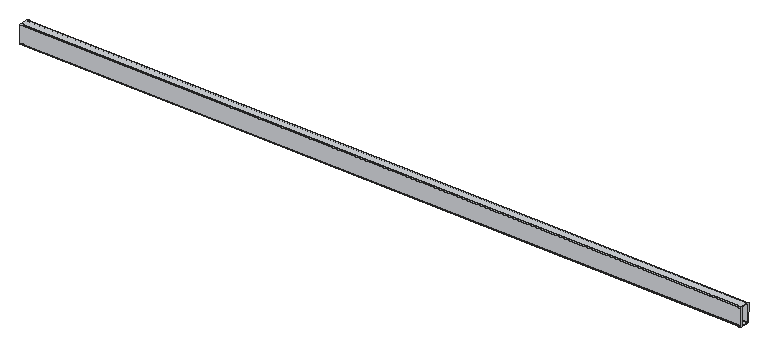
Revit family "CENTUM Profil XL 200 WST 8m L2D", category HLS-Bauteile, Revit 2023
Family settings
  Bemaßung runder Anschluss = Durchmesser verwenden
  Teiletyp = Normal
  Arbeitsebenenbasiert = Ja
  Immer vertikal = Nein
  Beim Laden mit Abzugskörper schneiden = Nein
  Beschriftungsausrichtung beibehalten = Nein
  Gemeinsam genutzt = Ja
  Raumberechnungspunkt = Nein
Parameters (values of type "CENTUM Profil XL200 WST L=8000 L2D")
  vpe = "8"
  Widerstandsmoment Wz = "86.69 cm³"
  Widerstandsmoment Wy = "125.56 cm³"
  Default Elevation = 1219.2 mm
  Trägheitsradius iz = "4.24 cm"
  Trägheitsradius iy = "7.21 cm"
  Torsionswiderstandsmoment Wt = "185.25 cm³"
  Stärke = 5 mm
  Streckgrenze = "275 N/mm²"
  Schwerpunktabstand ez = " cm"
  Schwerpunktabstand eu = " cm"
  Schwerpunktabstand eo = " cm"
  Schlitzbreite = " mm"
  Regelhalter [instance] = ""
  Profiltyp = "XL 200"
  Profil = "CENTUM"
  Oberflaeche = "feuerstückverzinkt"
  Montagelänge [instance] = 8000 mm
  Mengeneinheit = "m"
  Materialname = "S235"
  Material = "Stahl"
  Länge = 8000 mm
  Lochdurchmesser = " mm"
  Langloch = "14.0 x 65.0 mm"
  Kurztext2 = "100 / 200 / 5 mm L= 8 m fsv"
  Kurztext1 = "Montageprofil CENTUM XL 200 WST"
  Höhe = "200 mm"
  Gewicht pro Stück [instance] = (Gewicht * Montagelänge / (1000 mm * 1000 mm)) * 1000 mm  # 163.68 kg
  Gewicht pro Bauteil [instance] = Gewicht pro Stück  # 163.68 kg
  Gewicht = 20.46 kg
  Gesamtlänge [instance] = Montagelänge  # 8000 mm
  Gesamtgewicht [instance] = Gewicht pro Bauteil  # 163.68 kg
  Fläche (schwächster Profilquerschnitt) = 0.002415 m²
  Firma = "MEFA Befestigungs- und Montagesysteme GmbH"
  Fabrikat = "MEFA"
  Erweiterung Langloch = " mm"
  EAN = "4250928449405"
  Bund = "32 m"
  Breite = 100 mm
  Artikelnummer = "16020080"
  Anzahl Langloch 80 [instance] = Montagelänge / 80 mm  # 100
  Abmessung = "100/200/5.0 mm"
Reference planes
  plane 1 "Mitte (Vorne/hinten)": y = 0
  plane 2: z = 0
  plane 3 "Mitte (Links/rechts)": x = 0
  plane 4: x = 8000
Forms (mm)
  Extrusion 1, solid, detail levels fine
    sketch origin (0, 0, 0) x (0, 1, 0) y (0, 0, 1)
      loop
        arc (42, 0) -> (47.657, 2.343) -> (50, 8) r 8
        line (50, 8) -> (50, 192)
        arc (50, 192) -> (47.657, 197.657) -> (42, 200) r 8
        line (42, 200) -> (-42, 200)
        arc (-42, 200) -> (-47.657, 197.657) -> (-50, 192) r 8
        line (-50, 192) -> (-50, 8)
        arc (-50, 8) -> (-47.657, 2.343) -> (-42, 0) r 8
        line (-42, 0) -> (42, 0)
      loop
        arc (-41, 195) -> (-43.828, 193.828) -> (-45, 191) r 4
        line (-45, 191) -> (-45, 9)
        arc (-45, 9) -> (-43.828, 6.172) -> (-41, 5) r 4
        line (-41, 5) -> (41, 5)
        arc (41, 5) -> (43.828, 6.172) -> (45, 9) r 4
        line (45, 9) -> (45, 191)
        arc (45, 191) -> (43.828, 193.828) -> (41, 195) r 4
        line (41, 195) -> (-41, 195)
    from 0 to 8000
  Extrusion 2, solid, detail levels medium
    sketch origin (0, 0, 0) x (0, 1, 0) y (0, 0, 1)
      loop
        line (50, 0) -> (50, 200) -> (-50, 200) -> (-50, 0) -> (50, 0)
      loop
        line (-45, 195) -> (-45, 5) -> (45, 5) -> (45, 195) -> (-45, 195)
    from 0 to 8000
  Extrusion 3, solid, detail levels coarse
    sketch origin (0, 0, 0) x (0, 1, 0) y (0, 0, 1)
      loop
        line (50, 0) -> (50, 200) -> (-50, 200) -> (-50, 0) -> (50, 0)
    from 0 to 8000
Lines and regions (mm)
  model lines
    curve 1: line (0, 0, 210) -> (0, 0, -10)
    curve 2: line (0, 60, 150) -> (0, -60, 150)
    curve 3: line (0, 60, 100) -> (0, -60, 100)
    curve 4: line (0, 60, 50) -> (0, -60, 50)
Dimensions and locks
  "Montagelänge": plane 4 to plane 3 "Mitte (Links/rechts)"
  equal spacing: group 1, group 2, group 3, group 4, group 5, group 6, group 7, group 8, group 9, group 10, group 11, group 12, group 13, group 14, group 15, group 16, group 17, group 18, group 19, group 20, group 21, group 22, group 23, group 24, group 25, group 26, group 27, group 28, group 29, group 30, group 31, group 32, group 33, group 34, group 35, group 36, group 37, group 38, group 39, group 40, group 41, group 42, group 43, group 44, group 45, group 46, group 47, group 48, group 49, group 50, group 51, group 52, group 53, group 54, group 55, group 56, group 57, group 58, group 59, group 60, group 61, group 62, group 63, group 64, group 65, group 66, group 67, group 68, group 69, group 70, group 71, group 72, group 73, group 74, group 75, group 76, group 77, group 78, group 79, group 80, group 81, group 82, group 83, group 84, group 85, group 86, group 87, group 88, group 89, group 90, group 91, group 92, group 93, group 94, group 95, group 96, group 97, group 98, group 99, group 100  (x3)
  aligned and locked: level to plane 2
  aligned and locked: plane 4 to Extrusion 1
  aligned and locked: Extrusion 3 to Extrusion 1
  aligned and locked: Extrusion 2 to Extrusion 1
  aligned and locked: nested 5 to curve 4
  aligned and locked: nested 2 to curve 2
  aligned and locked: nested 3 to curve 4
  aligned and locked: nested 1 to plane 1 "Mitte (Vorne/hinten)"
  aligned and locked: nested 6 to nested 1  (x2)
  aligned and locked: nested 2 to nested 4
  aligned and locked: nested 2 to nested 3
  aligned and locked: nested 2 to nested 5
  aligned and locked: nested 12 to nested 7  (x2)
  aligned and locked: nested 8 to nested 10
  aligned and locked: nested 8 to nested 9
  aligned and locked: nested 8 to nested 11
  aligned and locked: nested 18 to nested 13  (x2)
  aligned and locked: nested 14 to nested 16
  aligned and locked: nested 14 to nested 15
  aligned and locked: nested 14 to nested 17
  aligned and locked: nested 24 to nested 19  (x2)
  aligned and locked: nested 20 to nested 22
  aligned and locked: nested 20 to nested 21
  aligned and locked: nested 20 to nested 23
  aligned and locked: nested 30 to nested 25  (x2)
  aligned and locked: nested 26 to nested 28
  aligned and locked: nested 26 to nested 27
  aligned and locked: nested 26 to nested 29
  aligned and locked: nested 36 to nested 31  (x2)
  aligned and locked: nested 32 to nested 34
  aligned and locked: nested 32 to nested 33
  aligned and locked: nested 32 to nested 35
  aligned and locked: nested 42 to nested 37  (x2)
  aligned and locked: nested 38 to nested 40
  aligned and locked: nested 38 to nested 39
  aligned and locked: nested 38 to nested 41
  aligned and locked: nested 48 to nested 43  (x2)
  aligned and locked: nested 44 to nested 46
  aligned and locked: nested 44 to nested 45
  aligned and locked: nested 44 to nested 47
  aligned and locked: nested 54 to nested 49  (x2)
  aligned and locked: nested 50 to nested 52
  aligned and locked: nested 50 to nested 51
  aligned and locked: nested 50 to nested 53
  aligned and locked: nested 60 to nested 55  (x2)
  aligned and locked: nested 56 to nested 58
  aligned and locked: nested 56 to nested 57
  aligned and locked: nested 56 to nested 59
  aligned and locked: nested 66 to nested 61  (x2)
  aligned and locked: nested 62 to nested 64
  aligned and locked: nested 62 to nested 63
  aligned and locked: nested 62 to nested 65
  aligned and locked: nested 72 to nested 67  (x2)
  aligned and locked: nested 68 to nested 70
  aligned and locked: nested 68 to nested 69
  aligned and locked: nested 68 to nested 71
  aligned and locked: nested 78 to nested 73  (x2)
  aligned and locked: nested 74 to nested 76
  aligned and locked: nested 74 to nested 75
  aligned and locked: nested 74 to nested 77
  aligned and locked: nested 84 to nested 79  (x2)
  aligned and locked: nested 80 to nested 82
  aligned and locked: nested 80 to nested 81
  aligned and locked: nested 80 to nested 83
  aligned and locked: nested 90 to nested 85  (x2)
  aligned and locked: nested 86 to nested 88
  aligned and locked: nested 86 to nested 87
  aligned and locked: nested 86 to nested 89
  aligned and locked: nested 96 to nested 91  (x2)
  aligned and locked: nested 92 to nested 94
  aligned and locked: nested 92 to nested 93
  aligned and locked: nested 92 to nested 95
  aligned and locked: nested 102 to nested 97  (x2)
  aligned and locked: nested 98 to nested 100
  aligned and locked: nested 98 to nested 99
  aligned and locked: nested 98 to nested 101
  aligned and locked: nested 108 to nested 103  (x2)
  aligned and locked: nested 104 to nested 106
  aligned and locked: nested 104 to nested 105
  aligned and locked: nested 104 to nested 107
  aligned and locked: nested 114 to nested 109  (x2)
  aligned and locked: nested 110 to nested 112
  aligned and locked: nested 110 to nested 111
  aligned and locked: nested 110 to nested 113
  aligned and locked: nested 120 to nested 115  (x2)
  aligned and locked: nested 116 to nested 118
  aligned and locked: nested 116 to nested 117
  aligned and locked: nested 116 to nested 119
  aligned and locked: nested 126 to nested 121  (x2)
  aligned and locked: nested 122 to nested 124
  aligned and locked: nested 122 to nested 123
  aligned and locked: nested 122 to nested 125
  aligned and locked: nested 132 to nested 127  (x2)
  aligned and locked: nested 128 to nested 130
  aligned and locked: nested 128 to nested 129
  aligned and locked: nested 128 to nested 131
  aligned and locked: nested 138 to nested 133  (x2)
  aligned and locked: nested 134 to nested 136
  aligned and locked: nested 134 to nested 135
  aligned and locked: nested 134 to nested 137
  aligned and locked: nested 144 to nested 139  (x2)
  aligned and locked: nested 140 to nested 142
  aligned and locked: nested 140 to nested 141
  aligned and locked: nested 140 to nested 143
  aligned and locked: nested 150 to nested 145  (x2)
  aligned and locked: nested 146 to nested 148
  aligned and locked: nested 146 to nested 147
  aligned and locked: nested 146 to nested 149
  aligned and locked: nested 156 to nested 151  (x2)
  aligned and locked: nested 152 to nested 154
  aligned and locked: nested 152 to nested 153
  aligned and locked: nested 152 to nested 155
  aligned and locked: nested 162 to nested 157  (x2)
  aligned and locked: nested 158 to nested 160
  aligned and locked: nested 158 to nested 159
  aligned and locked: nested 158 to nested 161
  aligned and locked: nested 168 to nested 163  (x2)
  aligned and locked: nested 164 to nested 166
  aligned and locked: nested 164 to nested 165
  aligned and locked: nested 164 to nested 167
  aligned and locked: nested 174 to nested 169  (x2)
  aligned and locked: nested 170 to nested 172
  aligned and locked: nested 170 to nested 171
  aligned and locked: nested 170 to nested 173
  aligned and locked: nested 180 to nested 175  (x2)
  aligned and locked: nested 176 to nested 178
  aligned and locked: nested 176 to nested 177
  aligned and locked: nested 176 to nested 179
  aligned and locked: nested 186 to nested 181  (x2)
  aligned and locked: nested 182 to nested 184
  aligned and locked: nested 182 to nested 183
  aligned and locked: nested 182 to nested 185
  aligned and locked: nested 192 to nested 187  (x2)
  aligned and locked: nested 188 to nested 190
  aligned and locked: nested 188 to nested 189
  aligned and locked: nested 188 to nested 191
  aligned and locked: nested 198 to nested 193  (x2)
  aligned and locked: nested 194 to nested 196
  aligned and locked: nested 194 to nested 195
  aligned and locked: nested 194 to nested 197
  aligned and locked: nested 204 to nested 199  (x2)
  aligned and locked: nested 200 to nested 202
  aligned and locked: nested 200 to nested 201
  aligned and locked: nested 200 to nested 203
  aligned and locked: nested 210 to nested 205  (x2)
  aligned and locked: nested 206 to nested 208
  aligned and locked: nested 206 to nested 207
  aligned and locked: nested 206 to nested 209
  aligned and locked: nested 216 to nested 211  (x2)
  aligned and locked: nested 212 to nested 214
  aligned and locked: nested 212 to nested 213
  aligned and locked: nested 212 to nested 215
  aligned and locked: nested 222 to nested 217  (x2)
  aligned and locked: nested 218 to nested 220
  aligned and locked: nested 218 to nested 219
  aligned and locked: nested 218 to nested 221
  aligned and locked: nested 228 to nested 223  (x2)
  aligned and locked: nested 224 to nested 226
  aligned and locked: nested 224 to nested 225
  aligned and locked: nested 224 to nested 227
  aligned and locked: nested 234 to nested 229  (x2)
  aligned and locked: nested 230 to nested 232
  aligned and locked: nested 230 to nested 231
  aligned and locked: nested 230 to nested 233
  aligned and locked: nested 240 to nested 235  (x2)
  aligned and locked: nested 236 to nested 238
  aligned and locked: nested 236 to nested 237
  aligned and locked: nested 236 to nested 239
  aligned and locked: nested 246 to nested 241  (x2)
  aligned and locked: nested 242 to nested 244
  aligned and locked: nested 242 to nested 243
  aligned and locked: nested 242 to nested 245
  aligned and locked: nested 252 to nested 247  (x2)
  aligned and locked: nested 248 to nested 250
  aligned and locked: nested 248 to nested 249
  aligned and locked: nested 248 to nested 251
  aligned and locked: nested 258 to nested 253  (x2)
  aligned and locked: nested 254 to nested 256
  aligned and locked: nested 254 to nested 255
  aligned and locked: nested 254 to nested 257
  aligned and locked: nested 264 to nested 259  (x2)
  aligned and locked: nested 260 to nested 262
  aligned and locked: nested 260 to nested 261
  aligned and locked: nested 260 to nested 263
  aligned and locked: nested 270 to nested 265  (x2)
  aligned and locked: nested 266 to nested 268
  aligned and locked: nested 266 to nested 267
  aligned and locked: nested 266 to nested 269
  aligned and locked: nested 276 to nested 271  (x2)
  aligned and locked: nested 272 to nested 274
  aligned and locked: nested 272 to nested 273
  aligned and locked: nested 272 to nested 275
  aligned and locked: nested 282 to nested 277  (x2)
  aligned and locked: nested 278 to nested 280
  aligned and locked: nested 278 to nested 279
  aligned and locked: nested 278 to nested 281
  aligned and locked: nested 288 to nested 283  (x2)
  aligned and locked: nested 284 to nested 286
  aligned and locked: nested 284 to nested 285
  aligned and locked: nested 284 to nested 287
  aligned and locked: nested 294 to nested 289  (x2)
  aligned and locked: nested 290 to nested 292
  aligned and locked: nested 290 to nested 291
  aligned and locked: nested 290 to nested 293
  aligned and locked: nested 300 to nested 295  (x2)
  aligned and locked: nested 296 to nested 298
  aligned and locked: nested 296 to nested 297
  aligned and locked: nested 296 to nested 299
  aligned and locked: nested 306 to nested 301  (x2)
  aligned and locked: nested 302 to nested 304
  aligned and locked: nested 302 to nested 303
  aligned and locked: nested 302 to nested 305
  aligned and locked: nested 312 to nested 307  (x2)
  aligned and locked: nested 308 to nested 310
  aligned and locked: nested 308 to nested 309
  aligned and locked: nested 308 to nested 311
  aligned and locked: nested 318 to nested 313  (x2)
  aligned and locked: nested 314 to nested 316
  aligned and locked: nested 314 to nested 315
  aligned and locked: nested 314 to nested 317
  aligned and locked: nested 324 to nested 319  (x2)
  aligned and locked: nested 320 to nested 322
  aligned and locked: nested 320 to nested 321
  aligned and locked: nested 320 to nested 323
  aligned and locked: nested 330 to nested 325  (x2)
  aligned and locked: nested 326 to nested 328
  aligned and locked: nested 326 to nested 327
  aligned and locked: nested 326 to nested 329
  aligned and locked: nested 336 to nested 331  (x2)
  aligned and locked: nested 332 to nested 334
  aligned and locked: nested 332 to nested 333
  aligned and locked: nested 332 to nested 335
  aligned and locked: nested 342 to nested 337  (x2)
  aligned and locked: nested 338 to nested 340
  aligned and locked: nested 338 to nested 339
  aligned and locked: nested 338 to nested 341
  aligned and locked: nested 348 to nested 343  (x2)
  aligned and locked: nested 344 to nested 346
  aligned and locked: nested 344 to nested 345
  aligned and locked: nested 344 to nested 347
  aligned and locked: nested 354 to nested 349  (x2)
  aligned and locked: nested 350 to nested 352
  aligned and locked: nested 350 to nested 351
  aligned and locked: nested 350 to nested 353
  aligned and locked: nested 360 to nested 355  (x2)
  aligned and locked: nested 356 to nested 358
  aligned and locked: nested 356 to nested 357
  aligned and locked: nested 356 to nested 359
  aligned and locked: nested 366 to nested 361  (x2)
  aligned and locked: nested 362 to nested 364
  aligned and locked: nested 362 to nested 363
  aligned and locked: nested 362 to nested 365
  aligned and locked: nested 372 to nested 367  (x2)
  aligned and locked: nested 368 to nested 370
  aligned and locked: nested 368 to nested 369
  aligned and locked: nested 368 to nested 371
  aligned and locked: nested 378 to nested 373  (x2)
  aligned and locked: nested 374 to nested 376
  aligned and locked: nested 374 to nested 375
  aligned and locked: nested 374 to nested 377
  aligned and locked: nested 384 to nested 379  (x2)
  aligned and locked: nested 380 to nested 382
  aligned and locked: nested 380 to nested 381
  aligned and locked: nested 380 to nested 383
  aligned and locked: nested 390 to nested 385  (x2)
  aligned and locked: nested 386 to nested 388
  aligned and locked: nested 386 to nested 387
  aligned and locked: nested 386 to nested 389
  aligned and locked: nested 396 to nested 391  (x2)
  aligned and locked: nested 392 to nested 394
  aligned and locked: nested 392 to nested 393
  aligned and locked: nested 392 to nested 395
  aligned and locked: nested 402 to nested 397  (x2)
  aligned and locked: nested 398 to nested 400
  aligned and locked: nested 398 to nested 399
  aligned and locked: nested 398 to nested 401
  aligned and locked: nested 408 to nested 403  (x2)
  aligned and locked: nested 404 to nested 406
  aligned and locked: nested 404 to nested 405
  aligned and locked: nested 404 to nested 407
  aligned and locked: nested 414 to nested 409  (x2)
  aligned and locked: nested 410 to nested 412
  aligned and locked: nested 410 to nested 411
  aligned and locked: nested 410 to nested 413
  aligned and locked: nested 420 to nested 415  (x2)
  aligned and locked: nested 416 to nested 418
  aligned and locked: nested 416 to nested 417
  aligned and locked: nested 416 to nested 419
  aligned and locked: nested 426 to nested 421  (x2)
  aligned and locked: nested 422 to nested 424
  aligned and locked: nested 422 to nested 423
  aligned and locked: nested 422 to nested 425
  aligned and locked: nested 432 to nested 427  (x2)
  aligned and locked: nested 428 to nested 430
  aligned and locked: nested 428 to nested 429
  aligned and locked: nested 428 to nested 431
  aligned and locked: nested 438 to nested 433  (x2)
  aligned and locked: nested 434 to nested 436
  aligned and locked: nested 434 to nested 435
  aligned and locked: nested 434 to nested 437
  aligned and locked: nested 444 to nested 439  (x2)
  aligned and locked: nested 440 to nested 442
  aligned and locked: nested 440 to nested 441
  aligned and locked: nested 440 to nested 443
  aligned and locked: nested 450 to nested 445  (x2)
  aligned and locked: nested 446 to nested 448
  aligned and locked: nested 446 to nested 447
  aligned and locked: nested 446 to nested 449
  aligned and locked: nested 456 to nested 451  (x2)
  aligned and locked: nested 452 to nested 454
  aligned and locked: nested 452 to nested 453
  aligned and locked: nested 452 to nested 455
  aligned and locked: nested 462 to nested 457  (x2)
  aligned and locked: nested 458 to nested 460
  aligned and locked: nested 458 to nested 459
  aligned and locked: nested 458 to nested 461
  aligned and locked: nested 468 to nested 463  (x2)
  aligned and locked: nested 464 to nested 466
  aligned and locked: nested 464 to nested 465
  aligned and locked: nested 464 to nested 467
  aligned and locked: nested 474 to nested 469  (x2)
  aligned and locked: nested 470 to nested 472
  aligned and locked: nested 470 to nested 471
  aligned and locked: nested 470 to nested 473
  aligned and locked: nested 480 to nested 475  (x2)
  aligned and locked: nested 476 to nested 478
  aligned and locked: nested 476 to nested 477
  aligned and locked: nested 476 to nested 479
  aligned and locked: nested 486 to nested 481  (x2)
  aligned and locked: nested 482 to nested 484
  aligned and locked: nested 482 to nested 483
  aligned and locked: nested 482 to nested 485
  aligned and locked: nested 492 to nested 487  (x2)
  aligned and locked: nested 488 to nested 490
  aligned and locked: nested 488 to nested 489
  aligned and locked: nested 488 to nested 491
  aligned and locked: nested 498 to nested 493  (x2)
  aligned and locked: nested 494 to nested 496
  aligned and locked: nested 494 to nested 495
  aligned and locked: nested 494 to nested 497
  aligned and locked: nested 504 to nested 499  (x2)
  aligned and locked: nested 500 to nested 502
  aligned and locked: nested 500 to nested 501
  aligned and locked: nested 500 to nested 503
  aligned and locked: nested 510 to nested 505  (x2)
  aligned and locked: nested 506 to nested 508
  aligned and locked: nested 506 to nested 507
  aligned and locked: nested 506 to nested 509
  aligned and locked: nested 516 to nested 511  (x2)
  aligned and locked: nested 512 to nested 514
  aligned and locked: nested 512 to nested 513
  aligned and locked: nested 512 to nested 515
  aligned and locked: nested 522 to nested 517  (x2)
  aligned and locked: nested 518 to nested 520
  aligned and locked: nested 518 to nested 519
  aligned and locked: nested 518 to nested 521
  aligned and locked: nested 528 to nested 523  (x2)
  aligned and locked: nested 524 to nested 526
  aligned and locked: nested 524 to nested 525
  aligned and locked: nested 524 to nested 527
  aligned and locked: nested 534 to nested 529  (x2)
  aligned and locked: nested 530 to nested 532
  aligned and locked: nested 530 to nested 531
  aligned and locked: nested 530 to nested 533
  aligned and locked: nested 540 to nested 535  (x2)
  aligned and locked: nested 536 to nested 538
  aligned and locked: nested 536 to nested 537
  aligned and locked: nested 536 to nested 539
  aligned and locked: nested 546 to nested 541  (x2)
  aligned and locked: nested 542 to nested 544
  aligned and locked: nested 542 to nested 543
  aligned and locked: nested 542 to nested 545
  aligned and locked: nested 552 to nested 547  (x2)
  aligned and locked: nested 548 to nested 550
  aligned and locked: nested 548 to nested 549
  aligned and locked: nested 548 to nested 551
  aligned and locked: nested 558 to nested 553  (x2)
  aligned and locked: nested 554 to nested 556
  aligned and locked: nested 554 to nested 555
  aligned and locked: nested 554 to nested 557
  aligned and locked: nested 564 to nested 559  (x2)
  aligned and locked: nested 560 to nested 562
  aligned and locked: nested 560 to nested 561
  aligned and locked: nested 560 to nested 563
  aligned and locked: nested 570 to nested 565  (x2)
  aligned and locked: nested 566 to nested 568
  aligned and locked: nested 566 to nested 567
  aligned and locked: nested 566 to nested 569
  aligned and locked: nested 576 to nested 571  (x2)
  aligned and locked: nested 572 to nested 574
  aligned and locked: nested 572 to nested 573
  aligned and locked: nested 572 to nested 575
  aligned and locked: nested 582 to nested 577  (x2)
  aligned and locked: nested 578 to nested 580
  aligned and locked: nested 578 to nested 579
  aligned and locked: nested 578 to nested 581
  aligned and locked: nested 588 to nested 583  (x2)
  aligned and locked: nested 584 to nested 586
  aligned and locked: nested 584 to nested 585
  aligned and locked: nested 584 to nested 587
  aligned and locked: nested 594 to nested 589  (x2)
  aligned and locked: nested 590 to nested 592
  aligned and locked: nested 590 to nested 591
  aligned and locked: nested 590 to nested 593
  aligned and locked: nested 600 to nested 595  (x2)
  aligned and locked: nested 596 to nested 598
  aligned and locked: nested 596 to nested 597
  aligned and locked: nested 596 to nested 599
Automatic sketch dimensions
  Extrusion 1 sketch curve to level = 0 mm
  level to Extrusion 1 sketch curve = 8 mm  (x2)
  plane 1 "Mitte (Vorne/hinten)" to Extrusion 1 sketch curve = 50 mm
  Extrusion 1 sketch curve to plane 1 "Mitte (Vorne/hinten)" = 42 mm  (x2)
  Extrusion 1 sketch curve to Extrusion 1 sketch curve = 184 mm
  Extrusion 1 sketch curve to Extrusion 1 sketch curve = 1 mm  (x7)
  Extrusion 1 sketch curve to Extrusion 1 sketch curve = 5 mm
  Extrusion 1 sketch curve to Extrusion 1 sketch curve = 3 mm
  curve 1 to plane 1 "Mitte (Vorne/hinten)" = 0 mm
  curve 1 to level = 10 mm
  plane 1 "Mitte (Vorne/hinten)" to curve 3 = 60 mm
  curve 4 to curve 3 = 0 mm
  curve 2 to curve 3 = 0 mm  (x2)
  curve 4 to plane 1 "Mitte (Vorne/hinten)" = 60 mm
  curve 3 to curve 4 = 0 mm
  level to curve 4 = 50 mm
  curve 4 to curve 3 = 50 mm
  curve 3 to curve 2 = 50 mm
  curve 2 to curve 1 = 60 mm
  level to Extrusion 2 sketch curve = 0 mm
  plane 1 "Mitte (Vorne/hinten)" to Extrusion 2 sketch curve = 50 mm
  Extrusion 2 sketch curve to Extrusion 2 sketch curve = 5 mm  (x4)
  Extrusion 2 sketch curve to Extrusion 2 sketch curve = 190 mm
  Extrusion 2 sketch curve to plane 1 "Mitte (Vorne/hinten)" = 45 mm
  Extrusion 3 sketch curve to level = 0 mm
  plane 1 "Mitte (Vorne/hinten)" to Extrusion 3 sketch curve = 50 mm
  Extrusion 3 sketch curve to plane 1 "Mitte (Vorne/hinten)" = 50 mm
  level to Extrusion 3 sketch curve = 200 mm
Nested families
  nested 1: "Langloch 14 x 65 2D" at (40, 0, 200) x (-1, 0, 0) z (0, 0, 1), type "Langloch 14 x 65 2D", detail levels fine
  nested 2: "Langloch 14 x 65 2D" at (40, -50, 150) x (-1, 0, 0) z (0, -1, 0), type "Langloch 14 x 65 2D", detail levels fine
  nested 3: "Langloch 14 x 65 2D" at (40, -50, 50) x (-1, 0, 0) z (0, -1, 0), type "Langloch 14 x 65 2D", detail levels fine
  nested 4: "Langloch 14 x 65 2D" at (40, 50, 150) x (-1, 0, 0) z (0, 1, 0), type "Langloch 14 x 65 2D", detail levels fine
  nested 5: "Langloch 14 x 65 2D" at (40, 50, 50) x (-1, 0, 0) z (0, 1, 0), type "Langloch 14 x 65 2D", detail levels fine
  nested 6: "Langloch 14 x 65 2D" at (40, 0, 0) x (-1, 0, 0) z (0, 0, -1), type "Langloch 14 x 65 2D", detail levels fine
  nested 7: "Langloch 14 x 65 2D" at (120, 0, 200) x (-1, 0, 0) z (0, 0, 1), type "Langloch 14 x 65 2D", detail levels fine
  nested 8: "Langloch 14 x 65 2D" at (120, -50, 150) x (-1, 0, 0) z (0, -1, 0), type "Langloch 14 x 65 2D", detail levels fine
  nested 9: "Langloch 14 x 65 2D" at (120, -50, 50) x (-1, 0, 0) z (0, -1, 0), type "Langloch 14 x 65 2D", detail levels fine
  nested 10: "Langloch 14 x 65 2D" at (120, 50, 150) x (-1, 0, 0) z (0, 1, 0), type "Langloch 14 x 65 2D", detail levels fine
  nested 11: "Langloch 14 x 65 2D" at (120, 50, 50) x (-1, 0, 0) z (0, 1, 0), type "Langloch 14 x 65 2D", detail levels fine
  nested 12: "Langloch 14 x 65 2D" at (120, 0, 0) x (-1, 0, 0) z (0, 0, -1), type "Langloch 14 x 65 2D", detail levels fine
  nested 13: "Langloch 14 x 65 2D" at (200, 0, 200) x (-1, 0, 0) z (0, 0, 1), type "Langloch 14 x 65 2D", detail levels fine
  nested 14: "Langloch 14 x 65 2D" at (200, -50, 150) x (-1, 0, 0) z (0, -1, 0), type "Langloch 14 x 65 2D", detail levels fine
  nested 15: "Langloch 14 x 65 2D" at (200, -50, 50) x (-1, 0, 0) z (0, -1, 0), type "Langloch 14 x 65 2D", detail levels fine
  nested 16: "Langloch 14 x 65 2D" at (200, 50, 150) x (-1, 0, 0) z (0, 1, 0), type "Langloch 14 x 65 2D", detail levels fine
  nested 17: "Langloch 14 x 65 2D" at (200, 50, 50) x (-1, 0, 0) z (0, 1, 0), type "Langloch 14 x 65 2D", detail levels fine
  nested 18: "Langloch 14 x 65 2D" at (200, 0, 0) x (-1, 0, 0) z (0, 0, -1), type "Langloch 14 x 65 2D", detail levels fine
  nested 19: "Langloch 14 x 65 2D" at (280, 0, 200) x (-1, 0, 0) z (0, 0, 1), type "Langloch 14 x 65 2D", detail levels fine
  nested 20: "Langloch 14 x 65 2D" at (280, -50, 150) x (-1, 0, 0) z (0, -1, 0), type "Langloch 14 x 65 2D", detail levels fine
  nested 21: "Langloch 14 x 65 2D" at (280, -50, 50) x (-1, 0, 0) z (0, -1, 0), type "Langloch 14 x 65 2D", detail levels fine
  nested 22: "Langloch 14 x 65 2D" at (280, 50, 150) x (-1, 0, 0) z (0, 1, 0), type "Langloch 14 x 65 2D", detail levels fine
  nested 23: "Langloch 14 x 65 2D" at (280, 50, 50) x (-1, 0, 0) z (0, 1, 0), type "Langloch 14 x 65 2D", detail levels fine
  nested 24: "Langloch 14 x 65 2D" at (280, 0, 0) x (-1, 0, 0) z (0, 0, -1), type "Langloch 14 x 65 2D", detail levels fine
  nested 25: "Langloch 14 x 65 2D" at (360, 0, 200) x (-1, 0, 0) z (0, 0, 1), type "Langloch 14 x 65 2D", detail levels fine
  nested 26: "Langloch 14 x 65 2D" at (360, -50, 150) x (-1, 0, 0) z (0, -1, 0), type "Langloch 14 x 65 2D", detail levels fine
  nested 27: "Langloch 14 x 65 2D" at (360, -50, 50) x (-1, 0, 0) z (0, -1, 0), type "Langloch 14 x 65 2D", detail levels fine
  nested 28: "Langloch 14 x 65 2D" at (360, 50, 150) x (-1, 0, 0) z (0, 1, 0), type "Langloch 14 x 65 2D", detail levels fine
  nested 29: "Langloch 14 x 65 2D" at (360, 50, 50) x (-1, 0, 0) z (0, 1, 0), type "Langloch 14 x 65 2D", detail levels fine
  nested 30: "Langloch 14 x 65 2D" at (360, 0, 0) x (-1, 0, 0) z (0, 0, -1), type "Langloch 14 x 65 2D", detail levels fine
  nested 31: "Langloch 14 x 65 2D" at (440, 0, 200) x (-1, 0, 0) z (0, 0, 1), type "Langloch 14 x 65 2D", detail levels fine
  nested 32: "Langloch 14 x 65 2D" at (440, -50, 150) x (-1, 0, 0) z (0, -1, 0), type "Langloch 14 x 65 2D", detail levels fine
  nested 33: "Langloch 14 x 65 2D" at (440, -50, 50) x (-1, 0, 0) z (0, -1, 0), type "Langloch 14 x 65 2D", detail levels fine
  nested 34: "Langloch 14 x 65 2D" at (440, 50, 150) x (-1, 0, 0) z (0, 1, 0), type "Langloch 14 x 65 2D", detail levels fine
  nested 35: "Langloch 14 x 65 2D" at (440, 50, 50) x (-1, 0, 0) z (0, 1, 0), type "Langloch 14 x 65 2D", detail levels fine
  nested 36: "Langloch 14 x 65 2D" at (440, 0, 0) x (-1, 0, 0) z (0, 0, -1), type "Langloch 14 x 65 2D", detail levels fine
  nested 37: "Langloch 14 x 65 2D" at (520, 0, 200) x (-1, 0, 0) z (0, 0, 1), type "Langloch 14 x 65 2D", detail levels fine
  nested 38: "Langloch 14 x 65 2D" at (520, -50, 150) x (-1, 0, 0) z (0, -1, 0), type "Langloch 14 x 65 2D", detail levels fine
  nested 39: "Langloch 14 x 65 2D" at (520, -50, 50) x (-1, 0, 0) z (0, -1, 0), type "Langloch 14 x 65 2D", detail levels fine
  nested 40: "Langloch 14 x 65 2D" at (520, 50, 150) x (-1, 0, 0) z (0, 1, 0), type "Langloch 14 x 65 2D", detail levels fine
  nested 41: "Langloch 14 x 65 2D" at (520, 50, 50) x (-1, 0, 0) z (0, 1, 0), type "Langloch 14 x 65 2D", detail levels fine
  nested 42: "Langloch 14 x 65 2D" at (520, 0, 0) x (-1, 0, 0) z (0, 0, -1), type "Langloch 14 x 65 2D", detail levels fine
  nested 43: "Langloch 14 x 65 2D" at (600, 0, 200) x (-1, 0, 0) z (0, 0, 1), type "Langloch 14 x 65 2D", detail levels fine
  nested 44: "Langloch 14 x 65 2D" at (600, -50, 150) x (-1, 0, 0) z (0, -1, 0), type "Langloch 14 x 65 2D", detail levels fine
  nested 45: "Langloch 14 x 65 2D" at (600, -50, 50) x (-1, 0, 0) z (0, -1, 0), type "Langloch 14 x 65 2D", detail levels fine
  nested 46: "Langloch 14 x 65 2D" at (600, 50, 150) x (-1, 0, 0) z (0, 1, 0), type "Langloch 14 x 65 2D", detail levels fine
  nested 47: "Langloch 14 x 65 2D" at (600, 50, 50) x (-1, 0, 0) z (0, 1, 0), type "Langloch 14 x 65 2D", detail levels fine
  nested 48: "Langloch 14 x 65 2D" at (600, 0, 0) x (-1, 0, 0) z (0, 0, -1), type "Langloch 14 x 65 2D", detail levels fine
  nested 49: "Langloch 14 x 65 2D" at (680, 0, 200) x (-1, 0, 0) z (0, 0, 1), type "Langloch 14 x 65 2D", detail levels fine
  nested 50: "Langloch 14 x 65 2D" at (680, -50, 150) x (-1, 0, 0) z (0, -1, 0), type "Langloch 14 x 65 2D", detail levels fine
  nested 51: "Langloch 14 x 65 2D" at (680, -50, 50) x (-1, 0, 0) z (0, -1, 0), type "Langloch 14 x 65 2D", detail levels fine
  nested 52: "Langloch 14 x 65 2D" at (680, 50, 150) x (-1, 0, 0) z (0, 1, 0), type "Langloch 14 x 65 2D", detail levels fine
  nested 53: "Langloch 14 x 65 2D" at (680, 50, 50) x (-1, 0, 0) z (0, 1, 0), type "Langloch 14 x 65 2D", detail levels fine
  nested 54: "Langloch 14 x 65 2D" at (680, 0, 0) x (-1, 0, 0) z (0, 0, -1), type "Langloch 14 x 65 2D", detail levels fine
  nested 55: "Langloch 14 x 65 2D" at (760, 0, 200) x (-1, 0, 0) z (0, 0, 1), type "Langloch 14 x 65 2D", detail levels fine
  nested 56: "Langloch 14 x 65 2D" at (760, -50, 150) x (-1, 0, 0) z (0, -1, 0), type "Langloch 14 x 65 2D", detail levels fine
  nested 57: "Langloch 14 x 65 2D" at (760, -50, 50) x (-1, 0, 0) z (0, -1, 0), type "Langloch 14 x 65 2D", detail levels fine
  nested 58: "Langloch 14 x 65 2D" at (760, 50, 150) x (-1, 0, 0) z (0, 1, 0), type "Langloch 14 x 65 2D", detail levels fine
  nested 59: "Langloch 14 x 65 2D" at (760, 50, 50) x (-1, 0, 0) z (0, 1, 0), type "Langloch 14 x 65 2D", detail levels fine
  nested 60: "Langloch 14 x 65 2D" at (760, 0, 0) x (-1, 0, 0) z (0, 0, -1), type "Langloch 14 x 65 2D", detail levels fine
  nested 61: "Langloch 14 x 65 2D" at (840, 0, 200) x (-1, 0, 0) z (0, 0, 1), type "Langloch 14 x 65 2D", detail levels fine
  nested 62: "Langloch 14 x 65 2D" at (840, -50, 150) x (-1, 0, 0) z (0, -1, 0), type "Langloch 14 x 65 2D", detail levels fine
  nested 63: "Langloch 14 x 65 2D" at (840, -50, 50) x (-1, 0, 0) z (0, -1, 0), type "Langloch 14 x 65 2D", detail levels fine
  nested 64: "Langloch 14 x 65 2D" at (840, 50, 150) x (-1, 0, 0) z (0, 1, 0), type "Langloch 14 x 65 2D", detail levels fine
  nested 65: "Langloch 14 x 65 2D" at (840, 50, 50) x (-1, 0, 0) z (0, 1, 0), type "Langloch 14 x 65 2D", detail levels fine
  nested 66: "Langloch 14 x 65 2D" at (840, 0, 0) x (-1, 0, 0) z (0, 0, -1), type "Langloch 14 x 65 2D", detail levels fine
  nested 67: "Langloch 14 x 65 2D" at (920, 0, 200) x (-1, 0, 0) z (0, 0, 1), type "Langloch 14 x 65 2D", detail levels fine
  nested 68: "Langloch 14 x 65 2D" at (920, -50, 150) x (-1, 0, 0) z (0, -1, 0), type "Langloch 14 x 65 2D", detail levels fine
  nested 69: "Langloch 14 x 65 2D" at (920, -50, 50) x (-1, 0, 0) z (0, -1, 0), type "Langloch 14 x 65 2D", detail levels fine
  nested 70: "Langloch 14 x 65 2D" at (920, 50, 150) x (-1, 0, 0) z (0, 1, 0), type "Langloch 14 x 65 2D", detail levels fine
  nested 71: "Langloch 14 x 65 2D" at (920, 50, 50) x (-1, 0, 0) z (0, 1, 0), type "Langloch 14 x 65 2D", detail levels fine
  nested 72: "Langloch 14 x 65 2D" at (920, 0, 0) x (-1, 0, 0) z (0, 0, -1), type "Langloch 14 x 65 2D", detail levels fine
  nested 73: "Langloch 14 x 65 2D" at (1000, 0, 200) x (-1, 0, 0) z (0, 0, 1), type "Langloch 14 x 65 2D", detail levels fine
  nested 74: "Langloch 14 x 65 2D" at (1000, -50, 150) x (-1, 0, 0) z (0, -1, 0), type "Langloch 14 x 65 2D", detail levels fine
  nested 75: "Langloch 14 x 65 2D" at (1000, -50, 50) x (-1, 0, 0) z (0, -1, 0), type "Langloch 14 x 65 2D", detail levels fine
  nested 76: "Langloch 14 x 65 2D" at (1000, 50, 150) x (-1, 0, 0) z (0, 1, 0), type "Langloch 14 x 65 2D", detail levels fine
  nested 77: "Langloch 14 x 65 2D" at (1000, 50, 50) x (-1, 0, 0) z (0, 1, 0), type "Langloch 14 x 65 2D", detail levels fine
  nested 78: "Langloch 14 x 65 2D" at (1000, 0, 0) x (-1, 0, 0) z (0, 0, -1), type "Langloch 14 x 65 2D", detail levels fine
  nested 79: "Langloch 14 x 65 2D" at (1080, 0, 200) x (-1, 0, 0) z (0, 0, 1), type "Langloch 14 x 65 2D", detail levels fine
  nested 80: "Langloch 14 x 65 2D" at (1080, -50, 150) x (-1, 0, 0) z (0, -1, 0), type "Langloch 14 x 65 2D", detail levels fine
  nested 81: "Langloch 14 x 65 2D" at (1080, -50, 50) x (-1, 0, 0) z (0, -1, 0), type "Langloch 14 x 65 2D", detail levels fine
  nested 82: "Langloch 14 x 65 2D" at (1080, 50, 150) x (-1, 0, 0) z (0, 1, 0), type "Langloch 14 x 65 2D", detail levels fine
  nested 83: "Langloch 14 x 65 2D" at (1080, 50, 50) x (-1, 0, 0) z (0, 1, 0), type "Langloch 14 x 65 2D", detail levels fine
  nested 84: "Langloch 14 x 65 2D" at (1080, 0, 0) x (-1, 0, 0) z (0, 0, -1), type "Langloch 14 x 65 2D", detail levels fine
  nested 85: "Langloch 14 x 65 2D" at (1160, 0, 200) x (-1, 0, 0) z (0, 0, 1), type "Langloch 14 x 65 2D", detail levels fine
  nested 86: "Langloch 14 x 65 2D" at (1160, -50, 150) x (-1, 0, 0) z (0, -1, 0), type "Langloch 14 x 65 2D", detail levels fine
  nested 87: "Langloch 14 x 65 2D" at (1160, -50, 50) x (-1, 0, 0) z (0, -1, 0), type "Langloch 14 x 65 2D", detail levels fine
  nested 88: "Langloch 14 x 65 2D" at (1160, 50, 150) x (-1, 0, 0) z (0, 1, 0), type "Langloch 14 x 65 2D", detail levels fine
  nested 89: "Langloch 14 x 65 2D" at (1160, 50, 50) x (-1, 0, 0) z (0, 1, 0), type "Langloch 14 x 65 2D", detail levels fine
  nested 90: "Langloch 14 x 65 2D" at (1160, 0, 0) x (-1, 0, 0) z (0, 0, -1), type "Langloch 14 x 65 2D", detail levels fine
  nested 91: "Langloch 14 x 65 2D" at (1240, 0, 200) x (-1, 0, 0) z (0, 0, 1), type "Langloch 14 x 65 2D", detail levels fine
  nested 92: "Langloch 14 x 65 2D" at (1240, -50, 150) x (-1, 0, 0) z (0, -1, 0), type "Langloch 14 x 65 2D", detail levels fine
  nested 93: "Langloch 14 x 65 2D" at (1240, -50, 50) x (-1, 0, 0) z (0, -1, 0), type "Langloch 14 x 65 2D", detail levels fine
  nested 94: "Langloch 14 x 65 2D" at (1240, 50, 150) x (-1, 0, 0) z (0, 1, 0), type "Langloch 14 x 65 2D", detail levels fine
  nested 95: "Langloch 14 x 65 2D" at (1240, 50, 50) x (-1, 0, 0) z (0, 1, 0), type "Langloch 14 x 65 2D", detail levels fine
  nested 96: "Langloch 14 x 65 2D" at (1240, 0, 0) x (-1, 0, 0) z (0, 0, -1), type "Langloch 14 x 65 2D", detail levels fine
  nested 97: "Langloch 14 x 65 2D" at (1320, 0, 200) x (-1, 0, 0) z (0, 0, 1), type "Langloch 14 x 65 2D", detail levels fine
  nested 98: "Langloch 14 x 65 2D" at (1320, -50, 150) x (-1, 0, 0) z (0, -1, 0), type "Langloch 14 x 65 2D", detail levels fine
  nested 99: "Langloch 14 x 65 2D" at (1320, -50, 50) x (-1, 0, 0) z (0, -1, 0), type "Langloch 14 x 65 2D", detail levels fine
  nested 100: "Langloch 14 x 65 2D" at (1320, 50, 150) x (-1, 0, 0) z (0, 1, 0), type "Langloch 14 x 65 2D", detail levels fine
  nested 101: "Langloch 14 x 65 2D" at (1320, 50, 50) x (-1, 0, 0) z (0, 1, 0), type "Langloch 14 x 65 2D", detail levels fine
  nested 102: "Langloch 14 x 65 2D" at (1320, 0, 0) x (-1, 0, 0) z (0, 0, -1), type "Langloch 14 x 65 2D", detail levels fine
  nested 103: "Langloch 14 x 65 2D" at (1400, 0, 200) x (-1, 0, 0) z (0, 0, 1), type "Langloch 14 x 65 2D", detail levels fine
  nested 104: "Langloch 14 x 65 2D" at (1400, -50, 150) x (-1, 0, 0) z (0, -1, 0), type "Langloch 14 x 65 2D", detail levels fine
  nested 105: "Langloch 14 x 65 2D" at (1400, -50, 50) x (-1, 0, 0) z (0, -1, 0), type "Langloch 14 x 65 2D", detail levels fine
  nested 106: "Langloch 14 x 65 2D" at (1400, 50, 150) x (-1, 0, 0) z (0, 1, 0), type "Langloch 14 x 65 2D", detail levels fine
  nested 107: "Langloch 14 x 65 2D" at (1400, 50, 50) x (-1, 0, 0) z (0, 1, 0), type "Langloch 14 x 65 2D", detail levels fine
  nested 108: "Langloch 14 x 65 2D" at (1400, 0, 0) x (-1, 0, 0) z (0, 0, -1), type "Langloch 14 x 65 2D", detail levels fine
  nested 109: "Langloch 14 x 65 2D" at (1480, 0, 200) x (-1, 0, 0) z (0, 0, 1), type "Langloch 14 x 65 2D", detail levels fine
  nested 110: "Langloch 14 x 65 2D" at (1480, -50, 150) x (-1, 0, 0) z (0, -1, 0), type "Langloch 14 x 65 2D", detail levels fine
  nested 111: "Langloch 14 x 65 2D" at (1480, -50, 50) x (-1, 0, 0) z (0, -1, 0), type "Langloch 14 x 65 2D", detail levels fine
  nested 112: "Langloch 14 x 65 2D" at (1480, 50, 150) x (-1, 0, 0) z (0, 1, 0), type "Langloch 14 x 65 2D", detail levels fine
  nested 113: "Langloch 14 x 65 2D" at (1480, 50, 50) x (-1, 0, 0) z (0, 1, 0), type "Langloch 14 x 65 2D", detail levels fine
  nested 114: "Langloch 14 x 65 2D" at (1480, 0, 0) x (-1, 0, 0) z (0, 0, -1), type "Langloch 14 x 65 2D", detail levels fine
  nested 115: "Langloch 14 x 65 2D" at (1560, 0, 200) x (-1, 0, 0) z (0, 0, 1), type "Langloch 14 x 65 2D", detail levels fine
  nested 116: "Langloch 14 x 65 2D" at (1560, -50, 150) x (-1, 0, 0) z (0, -1, 0), type "Langloch 14 x 65 2D", detail levels fine
  nested 117: "Langloch 14 x 65 2D" at (1560, -50, 50) x (-1, 0, 0) z (0, -1, 0), type "Langloch 14 x 65 2D", detail levels fine
  nested 118: "Langloch 14 x 65 2D" at (1560, 50, 150) x (-1, 0, 0) z (0, 1, 0), type "Langloch 14 x 65 2D", detail levels fine
  nested 119: "Langloch 14 x 65 2D" at (1560, 50, 50) x (-1, 0, 0) z (0, 1, 0), type "Langloch 14 x 65 2D", detail levels fine
  nested 120: "Langloch 14 x 65 2D" at (1560, 0, 0) x (-1, 0, 0) z (0, 0, -1), type "Langloch 14 x 65 2D", detail levels fine
  nested 121: "Langloch 14 x 65 2D" at (1640, 0, 200) x (-1, 0, 0) z (0, 0, 1), type "Langloch 14 x 65 2D", detail levels fine
  nested 122: "Langloch 14 x 65 2D" at (1640, -50, 150) x (-1, 0, 0) z (0, -1, 0), type "Langloch 14 x 65 2D", detail levels fine
  nested 123: "Langloch 14 x 65 2D" at (1640, -50, 50) x (-1, 0, 0) z (0, -1, 0), type "Langloch 14 x 65 2D", detail levels fine
  nested 124: "Langloch 14 x 65 2D" at (1640, 50, 150) x (-1, 0, 0) z (0, 1, 0), type "Langloch 14 x 65 2D", detail levels fine
  nested 125: "Langloch 14 x 65 2D" at (1640, 50, 50) x (-1, 0, 0) z (0, 1, 0), type "Langloch 14 x 65 2D", detail levels fine
  nested 126: "Langloch 14 x 65 2D" at (1640, 0, 0) x (-1, 0, 0) z (0, 0, -1), type "Langloch 14 x 65 2D", detail levels fine
  nested 127: "Langloch 14 x 65 2D" at (1720, 0, 200) x (-1, 0, 0) z (0, 0, 1), type "Langloch 14 x 65 2D", detail levels fine
  nested 128: "Langloch 14 x 65 2D" at (1720, -50, 150) x (-1, 0, 0) z (0, -1, 0), type "Langloch 14 x 65 2D", detail levels fine
  nested 129: "Langloch 14 x 65 2D" at (1720, -50, 50) x (-1, 0, 0) z (0, -1, 0), type "Langloch 14 x 65 2D", detail levels fine
  nested 130: "Langloch 14 x 65 2D" at (1720, 50, 150) x (-1, 0, 0) z (0, 1, 0), type "Langloch 14 x 65 2D", detail levels fine
  nested 131: "Langloch 14 x 65 2D" at (1720, 50, 50) x (-1, 0, 0) z (0, 1, 0), type "Langloch 14 x 65 2D", detail levels fine
  nested 132: "Langloch 14 x 65 2D" at (1720, 0, 0) x (-1, 0, 0) z (0, 0, -1), type "Langloch 14 x 65 2D", detail levels fine
  nested 133: "Langloch 14 x 65 2D" at (1800, 0, 200) x (-1, 0, 0) z (0, 0, 1), type "Langloch 14 x 65 2D", detail levels fine
  nested 134: "Langloch 14 x 65 2D" at (1800, -50, 150) x (-1, 0, 0) z (0, -1, 0), type "Langloch 14 x 65 2D", detail levels fine
  nested 135: "Langloch 14 x 65 2D" at (1800, -50, 50) x (-1, 0, 0) z (0, -1, 0), type "Langloch 14 x 65 2D", detail levels fine
  nested 136: "Langloch 14 x 65 2D" at (1800, 50, 150) x (-1, 0, 0) z (0, 1, 0), type "Langloch 14 x 65 2D", detail levels fine
  nested 137: "Langloch 14 x 65 2D" at (1800, 50, 50) x (-1, 0, 0) z (0, 1, 0), type "Langloch 14 x 65 2D", detail levels fine
  nested 138: "Langloch 14 x 65 2D" at (1800, 0, 0) x (-1, 0, 0) z (0, 0, -1), type "Langloch 14 x 65 2D", detail levels fine
  nested 139: "Langloch 14 x 65 2D" at (1880, 0, 200) x (-1, 0, 0) z (0, 0, 1), type "Langloch 14 x 65 2D", detail levels fine
  nested 140: "Langloch 14 x 65 2D" at (1880, -50, 150) x (-1, 0, 0) z (0, -1, 0), type "Langloch 14 x 65 2D", detail levels fine
  nested 141: "Langloch 14 x 65 2D" at (1880, -50, 50) x (-1, 0, 0) z (0, -1, 0), type "Langloch 14 x 65 2D", detail levels fine
  nested 142: "Langloch 14 x 65 2D" at (1880, 50, 150) x (-1, 0, 0) z (0, 1, 0), type "Langloch 14 x 65 2D", detail levels fine
  nested 143: "Langloch 14 x 65 2D" at (1880, 50, 50) x (-1, 0, 0) z (0, 1, 0), type "Langloch 14 x 65 2D", detail levels fine
  nested 144: "Langloch 14 x 65 2D" at (1880, 0, 0) x (-1, 0, 0) z (0, 0, -1), type "Langloch 14 x 65 2D", detail levels fine
  nested 145: "Langloch 14 x 65 2D" at (1960, 0, 200) x (-1, 0, 0) z (0, 0, 1), type "Langloch 14 x 65 2D", detail levels fine
  nested 146: "Langloch 14 x 65 2D" at (1960, -50, 150) x (-1, 0, 0) z (0, -1, 0), type "Langloch 14 x 65 2D", detail levels fine
  nested 147: "Langloch 14 x 65 2D" at (1960, -50, 50) x (-1, 0, 0) z (0, -1, 0), type "Langloch 14 x 65 2D", detail levels fine
  nested 148: "Langloch 14 x 65 2D" at (1960, 50, 150) x (-1, 0, 0) z (0, 1, 0), type "Langloch 14 x 65 2D", detail levels fine
  nested 149: "Langloch 14 x 65 2D" at (1960, 50, 50) x (-1, 0, 0) z (0, 1, 0), type "Langloch 14 x 65 2D", detail levels fine
  nested 150: "Langloch 14 x 65 2D" at (1960, 0, 0) x (-1, 0, 0) z (0, 0, -1), type "Langloch 14 x 65 2D", detail levels fine
  nested 151: "Langloch 14 x 65 2D" at (2040, 0, 200) x (-1, 0, 0) z (0, 0, 1), type "Langloch 14 x 65 2D", detail levels fine
  nested 152: "Langloch 14 x 65 2D" at (2040, -50, 150) x (-1, 0, 0) z (0, -1, 0), type "Langloch 14 x 65 2D", detail levels fine
  nested 153: "Langloch 14 x 65 2D" at (2040, -50, 50) x (-1, 0, 0) z (0, -1, 0), type "Langloch 14 x 65 2D", detail levels fine
  nested 154: "Langloch 14 x 65 2D" at (2040, 50, 150) x (-1, 0, 0) z (0, 1, 0), type "Langloch 14 x 65 2D", detail levels fine
  nested 155: "Langloch 14 x 65 2D" at (2040, 50, 50) x (-1, 0, 0) z (0, 1, 0), type "Langloch 14 x 65 2D", detail levels fine
  nested 156: "Langloch 14 x 65 2D" at (2040, 0, 0) x (-1, 0, 0) z (0, 0, -1), type "Langloch 14 x 65 2D", detail levels fine
  nested 157: "Langloch 14 x 65 2D" at (2120, 0, 200) x (-1, 0, 0) z (0, 0, 1), type "Langloch 14 x 65 2D", detail levels fine
  nested 158: "Langloch 14 x 65 2D" at (2120, -50, 150) x (-1, 0, 0) z (0, -1, 0), type "Langloch 14 x 65 2D", detail levels fine
  nested 159: "Langloch 14 x 65 2D" at (2120, -50, 50) x (-1, 0, 0) z (0, -1, 0), type "Langloch 14 x 65 2D", detail levels fine
  nested 160: "Langloch 14 x 65 2D" at (2120, 50, 150) x (-1, 0, 0) z (0, 1, 0), type "Langloch 14 x 65 2D", detail levels fine
  nested 161: "Langloch 14 x 65 2D" at (2120, 50, 50) x (-1, 0, 0) z (0, 1, 0), type "Langloch 14 x 65 2D", detail levels fine
  nested 162: "Langloch 14 x 65 2D" at (2120, 0, 0) x (-1, 0, 0) z (0, 0, -1), type "Langloch 14 x 65 2D", detail levels fine
  nested 163: "Langloch 14 x 65 2D" at (2200, 0, 200) x (-1, 0, 0) z (0, 0, 1), type "Langloch 14 x 65 2D", detail levels fine
  nested 164: "Langloch 14 x 65 2D" at (2200, -50, 150) x (-1, 0, 0) z (0, -1, 0), type "Langloch 14 x 65 2D", detail levels fine
  nested 165: "Langloch 14 x 65 2D" at (2200, -50, 50) x (-1, 0, 0) z (0, -1, 0), type "Langloch 14 x 65 2D", detail levels fine
  nested 166: "Langloch 14 x 65 2D" at (2200, 50, 150) x (-1, 0, 0) z (0, 1, 0), type "Langloch 14 x 65 2D", detail levels fine
  nested 167: "Langloch 14 x 65 2D" at (2200, 50, 50) x (-1, 0, 0) z (0, 1, 0), type "Langloch 14 x 65 2D", detail levels fine
  nested 168: "Langloch 14 x 65 2D" at (2200, 0, 0) x (-1, 0, 0) z (0, 0, -1), type "Langloch 14 x 65 2D", detail levels fine
  nested 169: "Langloch 14 x 65 2D" at (2280, 0, 200) x (-1, 0, 0) z (0, 0, 1), type "Langloch 14 x 65 2D", detail levels fine
  nested 170: "Langloch 14 x 65 2D" at (2280, -50, 150) x (-1, 0, 0) z (0, -1, 0), type "Langloch 14 x 65 2D", detail levels fine
  nested 171: "Langloch 14 x 65 2D" at (2280, -50, 50) x (-1, 0, 0) z (0, -1, 0), type "Langloch 14 x 65 2D", detail levels fine
  nested 172: "Langloch 14 x 65 2D" at (2280, 50, 150) x (-1, 0, 0) z (0, 1, 0), type "Langloch 14 x 65 2D", detail levels fine
  nested 173: "Langloch 14 x 65 2D" at (2280, 50, 50) x (-1, 0, 0) z (0, 1, 0), type "Langloch 14 x 65 2D", detail levels fine
  nested 174: "Langloch 14 x 65 2D" at (2280, 0, 0) x (-1, 0, 0) z (0, 0, -1), type "Langloch 14 x 65 2D", detail levels fine
  nested 175: "Langloch 14 x 65 2D" at (2360, 0, 200) x (-1, 0, 0) z (0, 0, 1), type "Langloch 14 x 65 2D", detail levels fine
  nested 176: "Langloch 14 x 65 2D" at (2360, -50, 150) x (-1, 0, 0) z (0, -1, 0), type "Langloch 14 x 65 2D", detail levels fine
  nested 177: "Langloch 14 x 65 2D" at (2360, -50, 50) x (-1, 0, 0) z (0, -1, 0), type "Langloch 14 x 65 2D", detail levels fine
  nested 178: "Langloch 14 x 65 2D" at (2360, 50, 150) x (-1, 0, 0) z (0, 1, 0), type "Langloch 14 x 65 2D", detail levels fine
  nested 179: "Langloch 14 x 65 2D" at (2360, 50, 50) x (-1, 0, 0) z (0, 1, 0), type "Langloch 14 x 65 2D", detail levels fine
  nested 180: "Langloch 14 x 65 2D" at (2360, 0, 0) x (-1, 0, 0) z (0, 0, -1), type "Langloch 14 x 65 2D", detail levels fine
  nested 181: "Langloch 14 x 65 2D" at (2440, 0, 200) x (-1, 0, 0) z (0, 0, 1), type "Langloch 14 x 65 2D", detail levels fine
  nested 182: "Langloch 14 x 65 2D" at (2440, -50, 150) x (-1, 0, 0) z (0, -1, 0), type "Langloch 14 x 65 2D", detail levels fine
  nested 183: "Langloch 14 x 65 2D" at (2440, -50, 50) x (-1, 0, 0) z (0, -1, 0), type "Langloch 14 x 65 2D", detail levels fine
  nested 184: "Langloch 14 x 65 2D" at (2440, 50, 150) x (-1, 0, 0) z (0, 1, 0), type "Langloch 14 x 65 2D", detail levels fine
  nested 185: "Langloch 14 x 65 2D" at (2440, 50, 50) x (-1, 0, 0) z (0, 1, 0), type "Langloch 14 x 65 2D", detail levels fine
  nested 186: "Langloch 14 x 65 2D" at (2440, 0, 0) x (-1, 0, 0) z (0, 0, -1), type "Langloch 14 x 65 2D", detail levels fine
  nested 187: "Langloch 14 x 65 2D" at (2520, 0, 200) x (-1, 0, 0) z (0, 0, 1), type "Langloch 14 x 65 2D", detail levels fine
  nested 188: "Langloch 14 x 65 2D" at (2520, -50, 150) x (-1, 0, 0) z (0, -1, 0), type "Langloch 14 x 65 2D", detail levels fine
  nested 189: "Langloch 14 x 65 2D" at (2520, -50, 50) x (-1, 0, 0) z (0, -1, 0), type "Langloch 14 x 65 2D", detail levels fine
  nested 190: "Langloch 14 x 65 2D" at (2520, 50, 150) x (-1, 0, 0) z (0, 1, 0), type "Langloch 14 x 65 2D", detail levels fine
  nested 191: "Langloch 14 x 65 2D" at (2520, 50, 50) x (-1, 0, 0) z (0, 1, 0), type "Langloch 14 x 65 2D", detail levels fine
  nested 192: "Langloch 14 x 65 2D" at (2520, 0, 0) x (-1, 0, 0) z (0, 0, -1), type "Langloch 14 x 65 2D", detail levels fine
  nested 193: "Langloch 14 x 65 2D" at (2600, 0, 200) x (-1, 0, 0) z (0, 0, 1), type "Langloch 14 x 65 2D", detail levels fine
  nested 194: "Langloch 14 x 65 2D" at (2600, -50, 150) x (-1, 0, 0) z (0, -1, 0), type "Langloch 14 x 65 2D", detail levels fine
  nested 195: "Langloch 14 x 65 2D" at (2600, -50, 50) x (-1, 0, 0) z (0, -1, 0), type "Langloch 14 x 65 2D", detail levels fine
  nested 196: "Langloch 14 x 65 2D" at (2600, 50, 150) x (-1, 0, 0) z (0, 1, 0), type "Langloch 14 x 65 2D", detail levels fine
  nested 197: "Langloch 14 x 65 2D" at (2600, 50, 50) x (-1, 0, 0) z (0, 1, 0), type "Langloch 14 x 65 2D", detail levels fine
  nested 198: "Langloch 14 x 65 2D" at (2600, 0, 0) x (-1, 0, 0) z (0, 0, -1), type "Langloch 14 x 65 2D", detail levels fine
  nested 199: "Langloch 14 x 65 2D" at (2680, 0, 200) x (-1, 0, 0) z (0, 0, 1), type "Langloch 14 x 65 2D", detail levels fine
  nested 200: "Langloch 14 x 65 2D" at (2680, -50, 150) x (-1, 0, 0) z (0, -1, 0), type "Langloch 14 x 65 2D", detail levels fine
  nested 201: "Langloch 14 x 65 2D" at (2680, -50, 50) x (-1, 0, 0) z (0, -1, 0), type "Langloch 14 x 65 2D", detail levels fine
  nested 202: "Langloch 14 x 65 2D" at (2680, 50, 150) x (-1, 0, 0) z (0, 1, 0), type "Langloch 14 x 65 2D", detail levels fine
  nested 203: "Langloch 14 x 65 2D" at (2680, 50, 50) x (-1, 0, 0) z (0, 1, 0), type "Langloch 14 x 65 2D", detail levels fine
  nested 204: "Langloch 14 x 65 2D" at (2680, 0, 0) x (-1, 0, 0) z (0, 0, -1), type "Langloch 14 x 65 2D", detail levels fine
  nested 205: "Langloch 14 x 65 2D" at (2760, 0, 200) x (-1, 0, 0) z (0, 0, 1), type "Langloch 14 x 65 2D", detail levels fine
  nested 206: "Langloch 14 x 65 2D" at (2760, -50, 150) x (-1, 0, 0) z (0, -1, 0), type "Langloch 14 x 65 2D", detail levels fine
  nested 207: "Langloch 14 x 65 2D" at (2760, -50, 50) x (-1, 0, 0) z (0, -1, 0), type "Langloch 14 x 65 2D", detail levels fine
  nested 208: "Langloch 14 x 65 2D" at (2760, 50, 150) x (-1, 0, 0) z (0, 1, 0), type "Langloch 14 x 65 2D", detail levels fine
  nested 209: "Langloch 14 x 65 2D" at (2760, 50, 50) x (-1, 0, 0) z (0, 1, 0), type "Langloch 14 x 65 2D", detail levels fine
  nested 210: "Langloch 14 x 65 2D" at (2760, 0, 0) x (-1, 0, 0) z (0, 0, -1), type "Langloch 14 x 65 2D", detail levels fine
  nested 211: "Langloch 14 x 65 2D" at (2840, 0, 200) x (-1, 0, 0) z (0, 0, 1), type "Langloch 14 x 65 2D", detail levels fine
  nested 212: "Langloch 14 x 65 2D" at (2840, -50, 150) x (-1, 0, 0) z (0, -1, 0), type "Langloch 14 x 65 2D", detail levels fine
  nested 213: "Langloch 14 x 65 2D" at (2840, -50, 50) x (-1, 0, 0) z (0, -1, 0), type "Langloch 14 x 65 2D", detail levels fine
  nested 214: "Langloch 14 x 65 2D" at (2840, 50, 150) x (-1, 0, 0) z (0, 1, 0), type "Langloch 14 x 65 2D", detail levels fine
  nested 215: "Langloch 14 x 65 2D" at (2840, 50, 50) x (-1, 0, 0) z (0, 1, 0), type "Langloch 14 x 65 2D", detail levels fine
  nested 216: "Langloch 14 x 65 2D" at (2840, 0, 0) x (-1, 0, 0) z (0, 0, -1), type "Langloch 14 x 65 2D", detail levels fine
  nested 217: "Langloch 14 x 65 2D" at (2920, 0, 200) x (-1, 0, 0) z (0, 0, 1), type "Langloch 14 x 65 2D", detail levels fine
  nested 218: "Langloch 14 x 65 2D" at (2920, -50, 150) x (-1, 0, 0) z (0, -1, 0), type "Langloch 14 x 65 2D", detail levels fine
  nested 219: "Langloch 14 x 65 2D" at (2920, -50, 50) x (-1, 0, 0) z (0, -1, 0), type "Langloch 14 x 65 2D", detail levels fine
  nested 220: "Langloch 14 x 65 2D" at (2920, 50, 150) x (-1, 0, 0) z (0, 1, 0), type "Langloch 14 x 65 2D", detail levels fine
  nested 221: "Langloch 14 x 65 2D" at (2920, 50, 50) x (-1, 0, 0) z (0, 1, 0), type "Langloch 14 x 65 2D", detail levels fine
  nested 222: "Langloch 14 x 65 2D" at (2920, 0, 0) x (-1, 0, 0) z (0, 0, -1), type "Langloch 14 x 65 2D", detail levels fine
  nested 223: "Langloch 14 x 65 2D" at (3000, 0, 200) x (-1, 0, 0) z (0, 0, 1), type "Langloch 14 x 65 2D", detail levels fine
  nested 224: "Langloch 14 x 65 2D" at (3000, -50, 150) x (-1, 0, 0) z (0, -1, 0), type "Langloch 14 x 65 2D", detail levels fine
  nested 225: "Langloch 14 x 65 2D" at (3000, -50, 50) x (-1, 0, 0) z (0, -1, 0), type "Langloch 14 x 65 2D", detail levels fine
  nested 226: "Langloch 14 x 65 2D" at (3000, 50, 150) x (-1, 0, 0) z (0, 1, 0), type "Langloch 14 x 65 2D", detail levels fine
  nested 227: "Langloch 14 x 65 2D" at (3000, 50, 50) x (-1, 0, 0) z (0, 1, 0), type "Langloch 14 x 65 2D", detail levels fine
  nested 228: "Langloch 14 x 65 2D" at (3000, 0, 0) x (-1, 0, 0) z (0, 0, -1), type "Langloch 14 x 65 2D", detail levels fine
  nested 229: "Langloch 14 x 65 2D" at (3080, 0, 200) x (-1, 0, 0) z (0, 0, 1), type "Langloch 14 x 65 2D", detail levels fine
  nested 230: "Langloch 14 x 65 2D" at (3080, -50, 150) x (-1, 0, 0) z (0, -1, 0), type "Langloch 14 x 65 2D", detail levels fine
  nested 231: "Langloch 14 x 65 2D" at (3080, -50, 50) x (-1, 0, 0) z (0, -1, 0), type "Langloch 14 x 65 2D", detail levels fine
  nested 232: "Langloch 14 x 65 2D" at (3080, 50, 150) x (-1, 0, 0) z (0, 1, 0), type "Langloch 14 x 65 2D", detail levels fine
  nested 233: "Langloch 14 x 65 2D" at (3080, 50, 50) x (-1, 0, 0) z (0, 1, 0), type "Langloch 14 x 65 2D", detail levels fine
  nested 234: "Langloch 14 x 65 2D" at (3080, 0, 0) x (-1, 0, 0) z (0, 0, -1), type "Langloch 14 x 65 2D", detail levels fine
  nested 235: "Langloch 14 x 65 2D" at (3160, 0, 200) x (-1, 0, 0) z (0, 0, 1), type "Langloch 14 x 65 2D", detail levels fine
  nested 236: "Langloch 14 x 65 2D" at (3160, -50, 150) x (-1, 0, 0) z (0, -1, 0), type "Langloch 14 x 65 2D", detail levels fine
  nested 237: "Langloch 14 x 65 2D" at (3160, -50, 50) x (-1, 0, 0) z (0, -1, 0), type "Langloch 14 x 65 2D", detail levels fine
  nested 238: "Langloch 14 x 65 2D" at (3160, 50, 150) x (-1, 0, 0) z (0, 1, 0), type "Langloch 14 x 65 2D", detail levels fine
  nested 239: "Langloch 14 x 65 2D" at (3160, 50, 50) x (-1, 0, 0) z (0, 1, 0), type "Langloch 14 x 65 2D", detail levels fine
  nested 240: "Langloch 14 x 65 2D" at (3160, 0, 0) x (-1, 0, 0) z (0, 0, -1), type "Langloch 14 x 65 2D", detail levels fine
  nested 241: "Langloch 14 x 65 2D" at (3240, 0, 200) x (-1, 0, 0) z (0, 0, 1), type "Langloch 14 x 65 2D", detail levels fine
  nested 242: "Langloch 14 x 65 2D" at (3240, -50, 150) x (-1, 0, 0) z (0, -1, 0), type "Langloch 14 x 65 2D", detail levels fine
  nested 243: "Langloch 14 x 65 2D" at (3240, -50, 50) x (-1, 0, 0) z (0, -1, 0), type "Langloch 14 x 65 2D", detail levels fine
  nested 244: "Langloch 14 x 65 2D" at (3240, 50, 150) x (-1, 0, 0) z (0, 1, 0), type "Langloch 14 x 65 2D", detail levels fine
  nested 245: "Langloch 14 x 65 2D" at (3240, 50, 50) x (-1, 0, 0) z (0, 1, 0), type "Langloch 14 x 65 2D", detail levels fine
  nested 246: "Langloch 14 x 65 2D" at (3240, 0, 0) x (-1, 0, 0) z (0, 0, -1), type "Langloch 14 x 65 2D", detail levels fine
  nested 247: "Langloch 14 x 65 2D" at (3320, 0, 200) x (-1, 0, 0) z (0, 0, 1), type "Langloch 14 x 65 2D", detail levels fine
  nested 248: "Langloch 14 x 65 2D" at (3320, -50, 150) x (-1, 0, 0) z (0, -1, 0), type "Langloch 14 x 65 2D", detail levels fine
  nested 249: "Langloch 14 x 65 2D" at (3320, -50, 50) x (-1, 0, 0) z (0, -1, 0), type "Langloch 14 x 65 2D", detail levels fine
  nested 250: "Langloch 14 x 65 2D" at (3320, 50, 150) x (-1, 0, 0) z (0, 1, 0), type "Langloch 14 x 65 2D", detail levels fine
  nested 251: "Langloch 14 x 65 2D" at (3320, 50, 50) x (-1, 0, 0) z (0, 1, 0), type "Langloch 14 x 65 2D", detail levels fine
  nested 252: "Langloch 14 x 65 2D" at (3320, 0, 0) x (-1, 0, 0) z (0, 0, -1), type "Langloch 14 x 65 2D", detail levels fine
  nested 253: "Langloch 14 x 65 2D" at (3400, 0, 200) x (-1, 0, 0) z (0, 0, 1), type "Langloch 14 x 65 2D", detail levels fine
  nested 254: "Langloch 14 x 65 2D" at (3400, -50, 150) x (-1, 0, 0) z (0, -1, 0), type "Langloch 14 x 65 2D", detail levels fine
  nested 255: "Langloch 14 x 65 2D" at (3400, -50, 50) x (-1, 0, 0) z (0, -1, 0), type "Langloch 14 x 65 2D", detail levels fine
  nested 256: "Langloch 14 x 65 2D" at (3400, 50, 150) x (-1, 0, 0) z (0, 1, 0), type "Langloch 14 x 65 2D", detail levels fine
  nested 257: "Langloch 14 x 65 2D" at (3400, 50, 50) x (-1, 0, 0) z (0, 1, 0), type "Langloch 14 x 65 2D", detail levels fine
  nested 258: "Langloch 14 x 65 2D" at (3400, 0, 0) x (-1, 0, 0) z (0, 0, -1), type "Langloch 14 x 65 2D", detail levels fine
  nested 259: "Langloch 14 x 65 2D" at (3480, 0, 200) x (-1, 0, 0) z (0, 0, 1), type "Langloch 14 x 65 2D", detail levels fine
  nested 260: "Langloch 14 x 65 2D" at (3480, -50, 150) x (-1, 0, 0) z (0, -1, 0), type "Langloch 14 x 65 2D", detail levels fine
  nested 261: "Langloch 14 x 65 2D" at (3480, -50, 50) x (-1, 0, 0) z (0, -1, 0), type "Langloch 14 x 65 2D", detail levels fine
  nested 262: "Langloch 14 x 65 2D" at (3480, 50, 150) x (-1, 0, 0) z (0, 1, 0), type "Langloch 14 x 65 2D", detail levels fine
  nested 263: "Langloch 14 x 65 2D" at (3480, 50, 50) x (-1, 0, 0) z (0, 1, 0), type "Langloch 14 x 65 2D", detail levels fine
  nested 264: "Langloch 14 x 65 2D" at (3480, 0, 0) x (-1, 0, 0) z (0, 0, -1), type "Langloch 14 x 65 2D", detail levels fine
  nested 265: "Langloch 14 x 65 2D" at (3560, 0, 200) x (-1, 0, 0) z (0, 0, 1), type "Langloch 14 x 65 2D", detail levels fine
  nested 266: "Langloch 14 x 65 2D" at (3560, -50, 150) x (-1, 0, 0) z (0, -1, 0), type "Langloch 14 x 65 2D", detail levels fine
  nested 267: "Langloch 14 x 65 2D" at (3560, -50, 50) x (-1, 0, 0) z (0, -1, 0), type "Langloch 14 x 65 2D", detail levels fine
  nested 268: "Langloch 14 x 65 2D" at (3560, 50, 150) x (-1, 0, 0) z (0, 1, 0), type "Langloch 14 x 65 2D", detail levels fine
  nested 269: "Langloch 14 x 65 2D" at (3560, 50, 50) x (-1, 0, 0) z (0, 1, 0), type "Langloch 14 x 65 2D", detail levels fine
  nested 270: "Langloch 14 x 65 2D" at (3560, 0, 0) x (-1, 0, 0) z (0, 0, -1), type "Langloch 14 x 65 2D", detail levels fine
  nested 271: "Langloch 14 x 65 2D" at (3640, 0, 200) x (-1, 0, 0) z (0, 0, 1), type "Langloch 14 x 65 2D", detail levels fine
  nested 272: "Langloch 14 x 65 2D" at (3640, -50, 150) x (-1, 0, 0) z (0, -1, 0), type "Langloch 14 x 65 2D", detail levels fine
  nested 273: "Langloch 14 x 65 2D" at (3640, -50, 50) x (-1, 0, 0) z (0, -1, 0), type "Langloch 14 x 65 2D", detail levels fine
